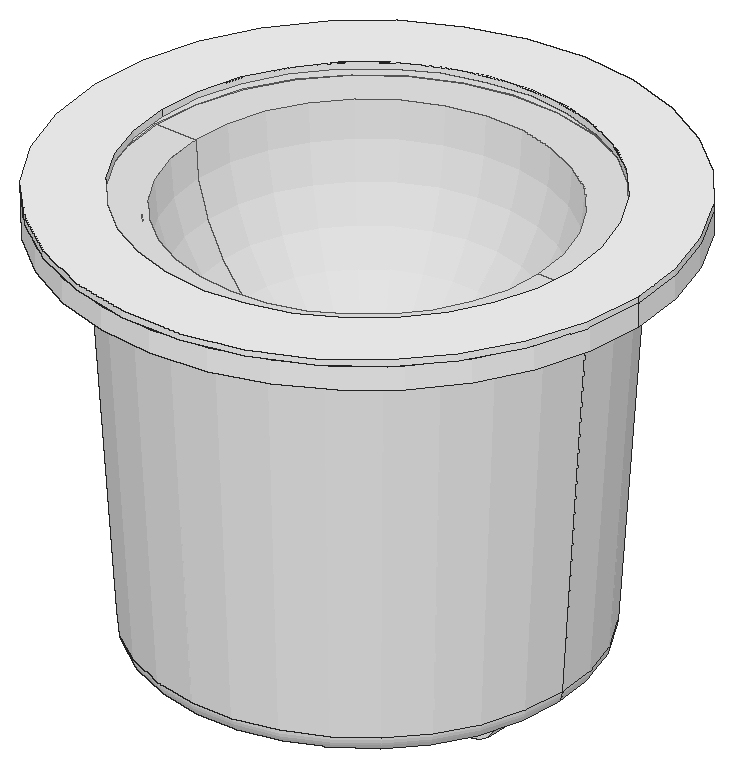
Revit family "2059242", category Lighting Fixtures, host Face, Revit 2018
Family settings
  Host = Face
  Round Connector Dimension = Use Diameter
  Part Type = Normal
  OmniClass Number = 23.80.70.11.17
  OmniClass Title = Specialized Lighting by Location or Use
  Cut with Voids When Loaded = No
  Light Source = Yes
  Shared = No
  Room Calculation Point = No
Parameters (values of type "2059242 MYRIAD DECO IP65 SP 3K DALI SI WBEZ")
  Weight = "n/a"
  Wattage = 15 W
  WarrantyStartDate [instance] = "n/a"
  WarrantyGuarantorParts = "n/a"
  WarrantyDurationUnit = "n/a"
  WarrantyDurationParts = ""
  WarrantyDescription = "http://www.sylvania-lighting.com"
  built-in parameter 1150110 = 1 (stored number, unit not read)
  Voltage = 230 V
  URL = "0"
  TypeName = "MYRIAD DECO IP65 SPOT 3000K DALI SILVER WBEZ"
  Type Image = 0
  Type Comments = ""
  built-in parameter 1114217 = 1 (stored number, unit not read)
  Tilt Angle = -90°
  built-in parameter 1150109 = 1 (stored number, unit not read)
  built-in parameter 1150134 = (empty or 0)
  built-in parameter 1150113 = 1 (stored number, unit not read)
  SerialNumber [instance] = "n/a"
  Reflector Radius = Cutout Diameter / 2 - 2.5 mm  # 35.0 mm
  Reflector Material = Aluminum_Sylvania_Myriad_Bright
  Recessed Depth = Height  # 72.0 mm
  PowerFactor = 0
  PowerConsumption = "Lighting"
  Photometric Web File = "2059242.ies"
  NominalWidth = 0.0 mm
  NominalLength = 76.0 mm
  NominalHeight = 72.0 mm
  Name = "MYRIAD DECO IP65 SPOT 3000K DALI SILVER WBEZ"
  ModelReference = "MYRIAD DECO IP65 SPOT 3000K DALI SILVER WBEZ"
  ModelNumber = "2059242"
  Material = "Feilo Sylvania"
  ManufacturerName = "111 lm/W"
  LuminousEfficacy = ""
  LuminaireType = "0"
  LightOutputRatio = "LED"
  LampsType = Lamp  # "n/a"
  LampNominalLuminous = "3000 K"
  LampMacAdamStep = "90"
  LampColourTemperature = "LED"
  LampColourRenderingIndex = "16500"
  Keynote = "n/a"
  Keynote_2 = "16500"
  InstallationDate [instance] = "n/a"
  InputVoltage = "0"
  InputNominalFrequency = "3000"
  IngressProtection = "IfcLightFixtureType"
  ImpactProtectionIndex = "IfcLightFixtureType"
  IfcExportType = "IfcLightFixtureType"
  IfcExportAs = "Class II"
  Height = 72.0 mm  # constant formula
  ExpectedLife = 50000
  Emit from Circle Diameter = Accessory Inner Diameter 2  # 68.0 mm
  Emit Shape Visible in Rendering = no
  ElectricShockClassification = "111"
  DurationUnit = "hours"
  DocumentationLiterature = "http://www.sylvania-lighting.com/product/en-int/products/2059242"
  DimmingControlOptions = "n/a"
  Diffuser Material = Glass_Sylvania_Myriad_Clear_4000K
  Diffuser Diameter = Cutout Diameter  # 75.0 mm
  Cutout Diameter = 75.0 mm  # constant formula
  CreatedOn = "03/02/2022"
  CreatedBy = "@sylvania-lighting.com"
  built-in parameter 1001205 = 0
  Cost = 0
  built-in parameter 1114216 [instance] = 1 (stored number, unit not read)
  Model = "MYRIAD DECO IP65 SPOT 3000K DALI SILVER WBEZ"
  Manufacturer = "Feilo Sylvania"  # constant formula
  built-in parameter 1150105 = 83.556 (stored number, unit not read)
  Lumens = 1050 lm
  built-in parameter 1150115 = 1 (stored number, unit not read)
  built-in parameter 1150137 = (empty or 0)
  built-in parameter 1150139 = (empty or 0)
  built-in parameter 1150112 = 1 (stored number, unit not read)
  built-in parameter 1150114 = 1 (stored number, unit not read)
  Lamp = "n/a"
  built-in parameter 1150132 = (empty or 0)
  built-in parameter 1150102 = (empty or 0)
  built-in parameter 1150107 = 2700 (stored number, unit not read)
  built-in parameter 1150138 = (empty or 0)
  built-in parameter 1150106 = 0.83556 (stored number, unit not read)
  built-in parameter 1150104 = 6.5032 (stored number, unit not read)
  Dimming Lamp Color Temperature Shift = <None>
  Description = "Supplied complete with electronic control gear Compact Fluorescent low energy downlight Emergency version passes through the cut out Ideal for low level orientation lighting New range of Architectural accessories each providing a different lit dimension New completely flush plaster up accessory ring for clean ceiling lines and smooth finish Order lamp separately"  # constant formula
  Default Elevation = 0.0 mm
  Color Filter = 16777215
  built-in parameter 1140040 [instance] = 1
  Body Radius = Reflector Radius + 1.5 mm  # 36.5 mm
  Body Material = Aluminum_Sylvania_Myriad_Gray
  BarCode [instance] = "n/a"
  built-in parameter 1114218 = 1 (stored number, unit not read)
  built-in parameter 1150133 = 10 (stored number, unit not read)
  AssetType = "Fixed"
  AssetIdentifier [instance] = "n/a"
  Assembly Code = "D5020200"
  Apparent Load = 10 VA
  Accessory Material = Aluminum_Sylvania_Myriad_White
  Accessory Inner Diameter 2 = Accessory Diameter - 22.0 mm  # 68.0 mm
  Accessory Inner Diameter 1 = Accessory Diameter - 2.0 mm  # 88.0 mm
  Accessory Diameter = Cutout Diameter + 15.0 mm  # 90.0 mm
Reference planes
  plane 1 "Center (Front/Back)": y = 0
  plane 2: z = 0
  plane 3 "Center (Left/Right)": x = 0
  plane 4: z = 2
  plane 5 "Fixture Bottom": z = 4.5
  plane 6: z = -28.5
  plane 7: z = -61.5
  plane 8 "Fixture Top": z = -67.5
  plane 9: z = 3.5
Forms (mm)
  Revolve 1, solid, material "Aluminum_Sylvania_Myriad_Bright" <- "Reflector Material", detail levels fine
    sketch origin (0, 0, 0) x (1, 0, 0) y (0, 0, 1)
      loop
        line (0, -27.515) -> (-6, -27.515)
        arc (-6, -27.515) -> (-22.333, -16.632) -> (-28.5, 2) r 30.135
        line (-28.5, 2) -> (-35, 2) -> (-35, 0) -> (-29.184, 0)
        arc (-29.184, 0) -> (-22.423, -18.18) -> (-6, -28.5) r 30.204
        line (-6, -28.5) -> (0, -28.5) -> (0, -27.515)
      axis (0, -28.5) -> (0, 2)
    angle from 0 to 360
  Revolve 2, solid, material "Aluminum_Sylvania_Myriad_Gray" <- "Body Material", detail levels fine
    sketch origin (0, 0, 0) x (1, 0, 0) y (0, 0, 1)
      loop
        line (-44, 2) -> (-44, 0) -> (-36.5, 0) -> (-32.42, -58.708)
        arc (-32.42, -58.708) -> (-31.474, -60.694) -> (-29.428, -61.5) r 3
        line (-29.428, -61.5) -> (0, -61.5) -> (0, -28.5) -> (-6, -28.5)
        arc (-6, -28.5) -> (-22.423, -18.18) -> (-29.184, 0) r 30.204
        line (-29.184, 0) -> (-35, 0) -> (-35, 2) -> (-44, 2)
      axis (0, 2) -> (0, -61.5)
    angle from 0 to 360
  Extrusion 3, solid, material "Aluminum_Sylvania_Myriad_Gray" <- "Body Material", detail levels fine
    sketch origin (0, 0, 0) x (1, 0, 0) y (0, 0, 1)
      loop
        line (-13.5, -67.5) -> (21, -67.5)
        arc (21, -67.5) -> (23.828, -66.328) -> (25, -63.5) r 4
        line (25, -63.5) -> (25, -61.5) -> (-17.5, -61.5) -> (-17.5, -63.5)
        arc (-17.5, -63.5) -> (-16.328, -66.328) -> (-13.5, -67.5) r 4
    from -4.5 to 4.5
  Extrusion 4, solid, material "Aluminum_Sylvania_Myriad_White" <- "Accessory Material", detail levels fine
    sketch origin (0, 0, 0) x (1, 0, 0) y (0, 1, 0)
      loop
        circle (0, 0) r 45
      loop
        circle (0, 0) r 44
    from 0 to 3.5
  Extrusion 5, solid, material "Aluminum_Sylvania_Myriad_White" <- "Accessory Material", detail levels fine
    sketch origin (0, 0, 0) x (1, 0, 0) y (0, 1, 0)
      loop
        circle (0, 0) r 45
      loop
        circle (0, 0) r 34
    from 3.5 to 4.5
  Extrusion 6, solid, material "Aluminum_Sylvania_Myriad_White" <- "Accessory Material", detail levels coarse+medium
    sketch origin (0, 0, 0) x (1, 0, 0) y (0, 1, 0)
      loop
        circle (0, 0) r 45
    from 0 to 4.5
  Revolve 7, solid, detail levels coarse+medium
    sketch origin (0, 0, 0) x (1, 0, 0) y (0, 0, 1)
      loop
        line (36.5, 0) -> (0, 0) -> (0, -61.5) -> (32.226, -61.5) -> (36.5, 0)
      axis (0, 0) -> (0, -61.5)
    angle from 0 to 360
  Extrusion 8, void
    sketch origin (0, 0, 0) x (1, 0, 0) y (0, 1, 0)
      loop
        circle (0, 0) r 37.5
    from -67.5 to 0
  Extrusion 9, solid, material "Glass_Sylvania_Myriad_Clear_4000K" <- "Diffuser Material", detail levels fine
    sketch origin (0, 0, 0) x (1, 0, 0) y (0, 1, 0)
      loop
        circle (0, 0) r 37.5
    from 2 to 3.5
Cuts and joins
  joined: Extrusion 4, Extrusion 5
Lines and regions (mm)
  Masking region 1
    outline origin (0, 0, 0) x (1, 0, 0) y (0, 1, 0)
      loop
        circle (0, 0) r 45
  symbolic lines
    curve 1: arc (-34, 0, 0) -> (0, 34, 0) -> (34, 0, 0) r 34
    curve 2: arc (34, 0, 0) -> (0, -34, 0) -> (-34, 0, 0) r 34
Dimensions and locks
  locked: plane 7 to plane 8 "Fixture Top" at 6
  "Body Radius": Revolve 7 sketch curve to plane 3 "Center (Left/Right)"
  locked: Revolve 7 sketch curve to Revolve 7 sketch curve at 4.274
  plane 5 "Fixture Bottom" to plane 9 to plane 4 to plane 2 to plane 6 = 1.0 mm locked, 1.5 mm locked, 2.0 mm locked, 28.5 mm locked
  "Reflector Radius": Revolve 1 sketch curve to plane 3 "Center (Left/Right)"
  Revolve 1 sketch curve to Revolve 1 sketch curve to Revolve 1 sketch curve to Revolve 1 sketch curve = 6.5 mm locked, 22.5 mm locked, 0.0 mm locked
  "Reflector Radius": plane 3 "Center (Left/Right)" to Revolve 2 sketch curve
  Revolve 2 sketch curve to Revolve 2 sketch curve to Revolve 2 sketch curve = 7.5 mm locked, 1.5 mm locked
  Revolve 2 sketch curve to Revolve 2 sketch curve to Revolve 2 sketch curve = 5.816 mm locked, 23.184 mm locked
  Revolve 2 sketch curve to Revolve 2 sketch curve to Revolve 2 sketch curve = 2.58 mm locked, 2.993 mm locked
  "Accessory Diameter": diameter of Extrusion 4 sketch curve
  "Accessory Inner Diameter 1": diameter of Extrusion 4 sketch curve
  "Accessory Diameter": diameter of Extrusion 5 sketch curve
  "Accessory Diameter": diameter of Extrusion 6 sketch curve
  "Cutout Diameter": diameter of Extrusion 8 sketch curve
  "Accessory Inner Diameter 2": diameter of Extrusion 5 sketch curve
  "Diffuser Diameter": diameter of Extrusion 9 sketch curve
  aligned and locked: plane 2 to host face
  aligned and locked: level to host face
  aligned and locked: plane 1 "Center (Front/Back)" to imposter light
  aligned and locked: plane 3 "Center (Left/Right)" to imposter light
  aligned and locked: Revolve 1 sketch curve to imposter light
  aligned and locked: Extrusion 3 sketch curve to plane 8 "Fixture Top"
  aligned and locked: plane 7 to Extrusion 3 sketch curve
  aligned and locked: Extrusion 4 to plane 2
  aligned and locked: plane 9 to Extrusion 4
  aligned and locked: Extrusion 5 to plane 9
  aligned and locked: plane 5 "Fixture Bottom" to Extrusion 5
  aligned and locked: Extrusion 6 to plane 2
  aligned and locked: plane 5 "Fixture Bottom" to Extrusion 6
  aligned and locked: Extrusion 8 to plane 8 "Fixture Top"
  aligned and locked: plane 2 to Extrusion 8
  aligned and locked: Masking region 1 sketch curve to Extrusion 6  (x2)
  aligned and locked: Extrusion 9 to plane 4
  aligned and locked: plane 9 to Extrusion 9
  aligned and locked: plane 4 to Revolve 2 sketch curve
  aligned and locked: Revolve 2 sketch curve to plane 2
  aligned and locked: curve 1 to cut or joined group of Extrusion 4, Extrusion 5
  aligned and locked: curve 2 to cut or joined group of Extrusion 4, Extrusion 5
  aligned and locked: imposter light to plane 5 "Fixture Bottom"
Automatic sketch dimensions
  host sketch curve to host sketch curve = 1305.563 mm
  host sketch curve to host sketch curve = 1283.632 mm
  Extrusion 3 sketch curve to plane 7 = 2.0 mm
  Extrusion 3 sketch curve to plane 3 "Center (Left/Right)" = 13.5 mm
  plane 3 "Center (Left/Right)" to Extrusion 3 sketch curve = 21.0 mm
  Extrusion 3 sketch curve to Extrusion 3 sketch curve = 4.0 mm
  Revolve 1 sketch curve to level = 0.0 mm
  Revolve 1 sketch curve to plane 3 "Center (Left/Right)" = 0.0 mm
  Revolve 1 sketch curve to plane 6 = 0.0 mm
  Revolve 1 sketch curve to plane 4 = 0.0 mm
  Revolve 1 sketch curve to Revolve 1 sketch curve = 0.684 mm
  level to Revolve 1 sketch curve = 0.88 mm
  Revolve 1 sketch curve to plane 4 = 0.363 mm
  Revolve 1 sketch curve to Revolve 1 sketch curve = 0.625 mm
  Revolve 1 sketch curve to plane 8 "Fixture Top" = 232.8 mm
  plane 5 "Fixture Bottom" to Revolve 1 sketch curve = 291.243 mm
  Revolve 2 sketch curve to plane 3 "Center (Left/Right)" = 0.0 mm  (x2)
  Revolve 2 sketch curve to plane 7 = 0.0 mm
  Revolve 2 sketch curve to plane 6 = 0.0 mm
  Revolve 2 sketch curve to level = 0.0 mm
  level to Revolve 2 sketch curve = 0.88 mm
  plane 7 to Revolve 2 sketch curve = 2.792 mm
  Revolve 2 sketch curve to plane 8 "Fixture Top" = 304.774 mm
  plane 5 "Fixture Bottom" to Revolve 2 sketch curve = 1137.105 mm
  Extrusion 4 sketch curve to Extrusion 4 sketch curve = 0.0 mm  (x2)
  plane 1 "Center (Front/Back)" to Extrusion 4 sketch curve = 0.0 mm
  Extrusion 4 sketch curve to plane 3 "Center (Left/Right)" = 0.0 mm
  Extrusion 5 sketch curve to Extrusion 5 sketch curve = 0.0 mm  (x2)
  plane 1 "Center (Front/Back)" to Extrusion 5 sketch curve = 0.0 mm
  Extrusion 5 sketch curve to plane 3 "Center (Left/Right)" = 0.0 mm
  plane 1 "Center (Front/Back)" to Extrusion 6 sketch curve = 0.0 mm
  Extrusion 6 sketch curve to plane 3 "Center (Left/Right)" = 0.0 mm
  Revolve 7 sketch curve to level = 0.0 mm
  Revolve 7 sketch curve to plane 3 "Center (Left/Right)" = 0.0 mm  (x2)
  Revolve 7 sketch curve to plane 7 = 0.0 mm
  Revolve 7 sketch curve to plane 8 "Fixture Top" = 304.774 mm
  plane 5 "Fixture Bottom" to Revolve 7 sketch curve = 43.226 mm
  plane 1 "Center (Front/Back)" to Extrusion 8 sketch curve = 0.0 mm
  Extrusion 8 sketch curve to plane 3 "Center (Left/Right)" = 0.0 mm
  plane 1 "Center (Front/Back)" to Extrusion 9 sketch curve = 0.0 mm
  Extrusion 9 sketch curve to plane 3 "Center (Left/Right)" = 0.0 mm
Connectors
  electrical at (-0.006, -0.019, -67.5), driven by "Apparent Load", driven by "Apparent Load"
    settings: on plane 8 "Fixture Top", index 1, voltage 230 V, apparent load 10 VA, apparent load phase1 10 VA, apparent load phase2 0 VA, apparent load phase3 0 VA, power factor 1, load classification "Lighting", number of poles 1, system type 30, power factor state 1, is connector primary yes, connector utility no, sub classification motor no, connector description ""
